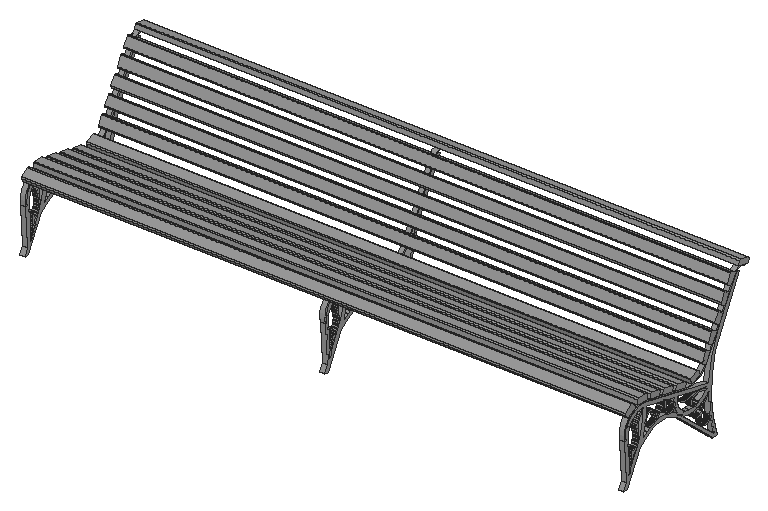
Revit family "Скамейка стальная «Ривьера» Арт 7080", category Антураж, Revit 2018
Family settings
  На основе рабочей плоскости = Нет
  Всегда вертикально = Да
  При загрузке вырезать с полостями = Нет
  Источник визуального образа = Геометрия семейства
  Общий = Нет
  Точка расчета площади = Нет
Parameters (values of type "Версия 3,0 м (3 опоры)")
  Ширина = 740 mm  # constant formula
  Цвет опоры = Сталь
  Цвет лавки = Дерево
  Средняя опора = or([Версия 2,0 м (3 опоры)], [Версия 3,0 м (3 опоры)])  # yes
  Описание = if([Версия 0,6 (кресло)], "Скамейка стальная «Ривьера». Версия 0,6 м (кресло)", if([Версия 1,2 м], "Скамейка стальная «Ривьера». Версия 1,2 м", if([Версия 1,5 м], "Скамейка стальная «Ривьера». Версия 1,5 м", if([Версия 1,8 м], "Скамейка стальная «Ривьера». Версия 1,8 м", if([Версия 2,0 м (2 опоры)], "Скамейка стальная «Ривьера». Версия 2,0 м (2 опоры)", if([Версия 2,0 м (3 опоры)], "Скамейка стальная «Ривьера». Версия 2,0 м (3 опоры)", "Скамейка стальная «Ривьера». Версия 3,0 м (3 опоры)"))))))  # "Скамейка стальная «Ривьера». Версия 3,0 м (3 опоры)"
  Материал изделия = "Сталь, дерево"  # constant formula
  Изображение типоразмера = Скамейка стальная «Ривьера» Арт 7080.jpg
  Изготовитель = "ООО «Хоббика»"  # constant formula
  Длина = if([Версия 0,6 (кресло)], 600 mm, if([Версия 1,2 м], 1200 mm, if([Версия 1,5 м], 1500 mm, if([Версия 1,8 м], 1800 mm, if(or([Версия 2,0 м (2 опоры)], [Версия 2,0 м (3 опоры)]), 2000 mm, 3000 mm)))))  # 3000 mm
  Группа модели = "Садовые скамейки"  # constant formula
  Высота = 720 mm  # constant formula
  Версия 3,0 м (3 опоры) = not(or([Версия 0,6 (кресло)], [Версия 1,2 м], [Версия 1,5 м], [Версия 1,8 м], [Версия 2,0 м (2 опоры)], [Версия 2,0 м (3 опоры)]))  # yes
  Версия 2,0 м (3 опоры) = no
  Версия 2,0 м (2 опоры) = no
  Версия 1,8 м = no
  Версия 1,5 м = no
  Версия 1,2 м = no
  Версия 0,6 (кресло) = no
  Артикул товара = "Арт 7080"  # constant formula
  URL = "https://hobbyka.ru/product/skameika_parkovaia_rivera/"
Types (8, lengths in mm): name | Средняя опора | Описание | Длина | Версия 3,0 м (3 опоры) | Версия 2,0 м (3 опоры) | Версия 2,0 м (2 опоры) | Версия 1,8 м | Версия 1,5 м | Версия 1,2 м | Версия 0,6 (кресло)
  (no name) | yes | "Скамейка стальная «Ривьера». Версия 3,0 м (3 опоры)" | 3000 | yes | no | no | no | no | no | no
  Версия 0,6 м (кресло) | no | "Скамейка стальная «Ривьера». Версия 0,6 м (кресло)" | 600 | no | no | no | no | no | no | yes
  Версия 1,2 м | no | "Скамейка стальная «Ривьера». Версия 1,2 м" | 1200 | no | no | no | no | no | yes | no
  Версия 1,5 м | no | "Скамейка стальная «Ривьера». Версия 1,5 м" | 1500 | no | no | no | no | yes | no | no
  Версия 1,8 м | no | "Скамейка стальная «Ривьера». Версия 1,8 м" | 1800 | no | no | no | yes | no | no | no
  Версия 2,0 (2 опоры) | no | "Скамейка стальная «Ривьера». Версия 2,0 м (2 опоры)" | 2000 | no | no | yes | no | no | no | no
  Версия 2,0 (3 опоры) | yes | "Скамейка стальная «Ривьера». Версия 2,0 м (3 опоры)" | 2000 | no | yes | no | no | no | no | no
  Версия 3,0 м (3 опоры) | yes | "Скамейка стальная «Ривьера». Версия 3,0 м (3 опоры)" | 3000 | yes | no | no | no | no | no | no
Reference planes
  plane 1 "По центру (Вперед/Назад)": y = 0
  plane 2: z = 0
  plane 3 "По центру (Влево/Вправо)": x = 0
  plane 4: x = 3000
  plane 5: y = 740
  plane 6: z = 720
Forms (mm)
  Extrusion 1, solid, material "Дерево" <- "Цвет лавки"
    sketch origin (0, 0, 0) x (0, 1, 0) y (0, 0, 1)
      loop
        line (710.703, 694.5) -> (764.101, 684.087) -> (768.44, 706.336) -> (764.858, 711.653) -> (720.359, 720.331) -> (715.042, 716.749) -> (710.703, 694.5)
      loop
        line (662.259, 630.426) -> (688.689, 677.978) -> (668.875, 688.99) -> (662.71, 687.23) -> (640.685, 647.603) -> (642.445, 641.438) -> (662.259, 630.426)
      loop
        line (622.934, 559.673) -> (649.364, 607.226) -> (629.55, 618.238) -> (623.385, 616.478) -> (601.36, 576.851) -> (603.12, 570.686) -> (622.934, 559.673)
      loop
        line (583.62, 488.941) -> (610.05, 536.494) -> (590.237, 547.506) -> (584.072, 545.746) -> (562.047, 506.119) -> (563.807, 499.954) -> (583.62, 488.941)
      loop
        line (544.307, 418.209) -> (570.737, 465.762) -> (550.923, 476.774) -> (544.758, 475.014) -> (522.733, 435.387) -> (524.493, 429.222) -> (544.307, 418.209)
      loop
        line (504.993, 347.477) -> (531.423, 395.03) -> (511.61, 406.042) -> (505.445, 404.282) -> (483.42, 364.655) -> (485.18, 358.49) -> (504.993, 347.477)
      loop
        line (319.957, 309.968) -> (373.163, 298.615) -> (377.893, 320.784) -> (374.406, 326.164) -> (330.067, 335.625) -> (324.687, 332.137) -> (319.957, 309.968)
      loop
        line (240.612, 326.898) -> (293.818, 315.545) -> (298.549, 337.715) -> (295.061, 343.095) -> (250.722, 352.555) -> (245.342, 349.068) -> (240.612, 326.898)
      loop
        line (161.229, 343.837) -> (214.435, 332.484) -> (219.165, 354.653) -> (215.677, 360.033) -> (171.339, 369.494) -> (165.959, 366.006) -> (161.229, 343.837)
      loop
        line (80.89, 353.667) -> (135.294, 353.568) -> (135.335, 376.236) -> (130.81, 380.778) -> (85.473, 380.86) -> (80.931, 376.335) -> (80.89, 353.667)
      loop
        line (23.166, 318.896) -> (66.954, 351.181) -> (53.502, 369.426) -> (47.163, 370.385) -> (10.672, 343.48) -> (9.714, 337.141) -> (23.166, 318.896)
      loop
        line (418.781, 296.112) -> (469.766, 315.095) -> (461.856, 336.338) -> (456.026, 339.005) -> (413.539, 323.186) -> (410.872, 317.355) -> (418.781, 296.112)
    from 0 to 3000
Dimensions and locks
  equal spacing: plane 3 "По центру (Влево/Вправо)", nested 2, plane 4
  "Длина": plane 3 "По центру (Влево/Вправо)" to plane 4
  "Ширина": plane 5 to plane 1 "По центру (Вперед/Назад)"
  "Высота": plane 6 to level
  aligned and locked: level to plane 2
  aligned and locked: plane 3 "По центру (Влево/Вправо)" to nested 1
  aligned and locked: plane 4 to nested 3
  aligned and locked: Extrusion 1 to plane 3 "По центру (Влево/Вправо)"
  aligned and locked: plane 4 to Extrusion 1
Automatic sketch dimensions
  Extrusion 1 sketch curve to plane 1 "По центру (Вперед/Назад)" = 9.714 mm
  Extrusion 1 sketch curve to Extrusion 1 sketch curve = 0.959 mm  (x2)
  Extrusion 1 sketch curve to Extrusion 1 sketch curve = 13.452 mm  (x2)
  Extrusion 1 sketch curve to Extrusion 1 sketch curve = 36.49 mm
  Extrusion 1 sketch curve to Extrusion 1 sketch curve = 6.339 mm  (x2)
  Extrusion 1 sketch curve to Extrusion 1 sketch curve = 13.936 mm
  Extrusion 1 sketch curve to Extrusion 1 sketch curve = 0.041 mm
  Extrusion 1 sketch curve to Extrusion 1 sketch curve = 4.542 mm  (x2)
  Extrusion 1 sketch curve to Extrusion 1 sketch curve = 45.336 mm
  Extrusion 1 sketch curve to Extrusion 1 sketch curve = 4.484 mm
  Extrusion 1 sketch curve to Extrusion 1 sketch curve = 4.525 mm  (x2)
  Extrusion 1 sketch curve to Extrusion 1 sketch curve = 25.935 mm
  Extrusion 1 sketch curve to Extrusion 1 sketch curve = 4.73 mm  (x3)
  Extrusion 1 sketch curve to Extrusion 1 sketch curve = 5.38 mm  (x6)
  Extrusion 1 sketch curve to Extrusion 1 sketch curve = 53.206 mm  (x3)
  Extrusion 1 sketch curve to Extrusion 1 sketch curve = 1.243 mm  (x3)
  Extrusion 1 sketch curve to Extrusion 1 sketch curve = 3.488 mm  (x6)
  Extrusion 1 sketch curve to Extrusion 1 sketch curve = 26.177 mm
  Extrusion 1 sketch curve to Extrusion 1 sketch curve = 26.139 mm
  level to Extrusion 1 sketch curve = 320.784 mm
  Extrusion 1 sketch curve to Extrusion 1 sketch curve = 32.978 mm
  Extrusion 1 sketch curve to Extrusion 1 sketch curve = 2.667 mm  (x2)
  Extrusion 1 sketch curve to Extrusion 1 sketch curve = 7.909 mm  (x2)
  Extrusion 1 sketch curve to Extrusion 1 sketch curve = 42.487 mm
  Extrusion 1 sketch curve to Extrusion 1 sketch curve = 5.831 mm  (x2)
  Extrusion 1 sketch curve to Extrusion 1 sketch curve = 21.563 mm
  Extrusion 1 sketch curve to Extrusion 1 sketch curve = 1.76 mm  (x9)
  Extrusion 1 sketch curve to Extrusion 1 sketch curve = 19.813 mm  (x10)
  Extrusion 1 sketch curve to Extrusion 1 sketch curve = 22.025 mm  (x5)
  Extrusion 1 sketch curve to Extrusion 1 sketch curve = 6.165 mm  (x10)
  Extrusion 1 sketch curve to Extrusion 1 sketch curve = 11.123 mm  (x3)
  Extrusion 1 sketch curve to Extrusion 1 sketch curve = 11.135 mm
  Extrusion 1 sketch curve to plane 6 = 32.77 mm
  Extrusion 1 sketch curve to plane 6 = 31.01 mm
  Extrusion 1 sketch curve to plane 6 = 42.022 mm
  Extrusion 1 sketch curve to Extrusion 1 sketch curve = 22.014 mm
  Extrusion 1 sketch curve to plane 6 = 3.251 mm
  Extrusion 1 sketch curve to Extrusion 1 sketch curve = 4.339 mm
  plane 6 to Extrusion 1 sketch curve = 0.331 mm
  Extrusion 1 sketch curve to Extrusion 1 sketch curve = 5.318 mm
  plane 5 to Extrusion 1 sketch curve = 24.101 mm
  Extrusion 1 sketch curve to plane 6 = 8.347 mm
  plane 5 to Extrusion 1 sketch curve = 24.858 mm
  Extrusion 1 sketch curve to plane 6 = 13.664 mm
  Extrusion 1 sketch curve to Extrusion 1 sketch curve = 3.582 mm
  level to Extrusion 1 sketch curve = 318.896 mm
  Extrusion 1 sketch curve to Extrusion 1 sketch curve = 3.429 mm
  Extrusion 1 sketch curve to Extrusion 1 sketch curve = 5.239 mm
  Extrusion 1 sketch curve to Extrusion 1 sketch curve = 2.261 mm
  Extrusion 1 sketch curve to Extrusion 1 sketch curve = 5.577 mm
  Extrusion 1 sketch curve to Extrusion 1 sketch curve = 11.353 mm  (x2)
  Extrusion 1 sketch curve to Extrusion 1 sketch curve = 5.586 mm
  Extrusion 1 sketch curve to Extrusion 1 sketch curve = 18.245 mm
  Extrusion 1 sketch curve to Extrusion 1 sketch curve = 11.139 mm
  Extrusion 1 sketch curve to Extrusion 1 sketch curve = 9.731 mm
  Extrusion 1 sketch curve to Extrusion 1 sketch curve = 2.486 mm
  Extrusion 1 sketch curve to Extrusion 1 sketch curve = 11.013 mm  (x4)
  Extrusion 1 sketch curve to Extrusion 1 sketch curve = 23.18 mm  (x3)
Nested families
  nested 1: "Скамейка стальная «Ривьера» Арт 7080 опора" at (0, 0, 0), type "Крайняя"
  nested 2: "Скамейка стальная «Ривьера» Арт 7080 опора" at (1500, 0, 0), visible <- "Средняя опора", type "Средняя"
  nested 3: "Скамейка стальная «Ривьера» Арт 7080 опора" at (3000, 0, 0) x (-1, 0, 0) z (0, 0, 1), type "Крайняя"
Definition of nested family "Скамейка стальная «Ривьера» Арт 7080 опора"
  Parameters (values of type "Средняя")
    Цвет опоры = none
    Средняя = yes
    Крайняя = no
    Height = 0 mm
  Types (3, lengths in mm): name | Средняя | Крайняя
    (no name) | yes | no
    Крайняя | no | yes
    Средняя | yes | no
  Reference planes
    plane 1 "По центру (Вперед/Назад)": y = 0
    plane 2: z = 0
    plane 3 "По центру (Влево/Вправо)": x = 0
  Forms (mm)
    Extrusion 1, solid, material <- "Цвет опоры", visible <- "Крайняя"
      sketch origin (0, 0, 0) x (0, 1, 0) y (0, 0, 1)
        loop
          line (709.771, 675.02) -> (696.806, 681.856) -> (578.564, 457.59)
          arc (578.564, 457.59) -> (541.819, 360.204) -> (523.105, 257.812) r 578.985
          line (523.105, 257.812) -> (135.877, 340.27)
          arc (135.877, 340.27) -> (40.273, 315.358) -> (2.551, 224.046) r 110.809
          line (2.551, 224.046) -> (15.534, 35.959) -> (-1.658, 2.925) -> (15.928, 2.925) -> (96.056, 156.891) -> (153.03, 194.464)
          arc (153.03, 194.464) -> (242.346, 218.542) -> (328.655, 185.26) r 148.976
          arc (328.655, 185.26) -> (442.149, 99.669) -> (546.298, 2.925) r 1388.768
          line (546.298, 2.925) -> (573.294, 2.925)
          arc (573.294, 2.925) -> (536.705, 238.624) -> (600.816, 468.368) r 563.985
          line (600.816, 468.368) -> (709.771, 675.02)
        loop
          arc (114.964, 327.621) -> (47.504, 301.675) -> (17.367, 235.98) r 95.809
          line (17.367, 235.98) -> (29.298, 62.406) -> (82.132, 163.927)
          arc (82.132, 163.927) -> (110.162, 243.444) -> (114.964, 327.621) r 300.07
        loop
          arc (130.188, 325.532) -> (127.369, 252.816) -> (107.93, 182.69) r 314.823
          line (107.93, 182.69) -> (144.797, 207.002)
          arc (144.797, 207.002) -> (242.776, 233.54) -> (337.602, 197.317) r 163.976
          arc (337.602, 197.317) -> (448.984, 113.505) -> (551.504, 19.059) r 1403.768
          arc (551.504, 19.059) -> (526.925, 120.807) -> (521.067, 225.318) r 578.985
          arc (521.067, 225.318) -> (470.057, 185.105) -> (406.384, 172.271) r 139.859
          arc (406.384, 172.271) -> (331.609, 207.344) -> (310.38, 287.161) r 97.756
          line (310.38, 287.161) -> (130.188, 325.532)
        loop
          arc (406.684, 188.271) -> (467.899, 201.85) -> (514.62, 243.67) r 123.859
          line (514.62, 243.67) -> (326.04, 283.827)
          arc (326.04, 283.827) -> (344.143, 217.298) -> (406.684, 188.271) r 81.756
      from 0 to 25
    Extrusion 2, solid, material <- "Цвет опоры", visible <- "Крайняя"
      sketch origin (0, 0, 0) x (0, 1, 0) y (0, 0, 1)
        loop
          line (746.083, 684.556) -> (746.597, 687.512) -> (724.179, 691.405)
          arc (724.179, 691.405) -> (703.229, 688.875) -> (687.149, 675.208) r 36.636
          line (687.149, 675.208) -> (510.978, 358.245)
          arc (510.978, 358.245) -> (454.556, 306.087) -> (378.196, 297.541) r 123.115
          line (378.196, 297.541) -> (127.902, 350.948)
          arc (127.902, 350.948) -> (30.565, 321.911) -> (2.435, 224.308) r 105.908
          line (2.435, 224.308) -> (5.363, 224.961)
          arc (5.363, 224.961) -> (32.696, 319.799) -> (127.276, 348.014) r 102.908
          line (127.276, 348.014) -> (377.576, 294.606)
          arc (377.576, 294.606) -> (455.801, 303.357) -> (513.6, 356.787) r 126.115
          line (513.6, 356.787) -> (689.722, 673.661)
          arc (689.722, 673.661) -> (704.476, 686.146) -> (723.666, 688.449) r 33.636
          line (723.666, 688.449) -> (746.083, 684.556)
      from 0 to 25
    Extrusion 3, solid, material <- "Цвет опоры", visible <- "Крайняя"
      sketch origin (0, 0, 0) x (0, 1, 0) y (0, 0, 1)
        loop
          line (476.525, 143.5) -> (474.834, 138.244) -> (473.28, 132.945) -> (472.625, 130.31) -> (472.12, 127.642) -> (471.766, 124.95) -> (471.565, 122.242) -> (471.517, 119.527) -> (471.622, 116.814) -> (471.881, 114.112) -> (472.292, 111.428) -> (472.854, 108.771) -> (473.564, 106.151) -> (474.422, 103.575) -> (475.424, 101.051) -> (476.567, 98.588) -> (477.847, 96.194) -> (479.26, 93.875) -> (480.802, 91.641) -> (482.468, 89.497) -> (484.252, 87.45) -> (487.263, 84.696) -> (490.694, 82.488) -> (494.448, 80.89) -> (498.417, 79.947) -> (502.489, 79.685) -> (506.546, 80.113) -> (510.474, 81.219) -> (514.159, 82.969) -> (517.497, 85.316) -> (520.392, 88.191) -> (522.762, 91.512) -> (524.538, 95.185) -> (525.671, 99.105) -> (526.127, 103.159) -> (525.894, 107.233) -> (524.978, 111.209) -> (523.406, 114.973) -> (521.222, 118.42) -> (516.064, 122.889) -> (514.616, 121.218) -> (519.529, 116.962) -> (521.438, 113.949) -> (522.866, 110.53) -> (523.697, 106.919) -> (523.909, 103.22) -> (523.495, 99.538) -> (522.466, 95.979) -> (520.853, 92.643) -> (518.701, 89.627) -> (516.072, 87.017) -> (513.041, 84.886) -> (509.695, 83.296) -> (506.128, 82.292) -> (502.443, 81.904) -> (498.746, 82.141) -> (495.141, 82.998) -> (491.732, 84.449) -> (488.617, 86.454) -> (485.837, 88.997) -> (484.176, 90.902) -> (482.586, 92.948) -> (481.115, 95.08) -> (479.767, 97.291) -> (478.546, 99.575) -> (477.456, 101.925) -> (476.5, 104.332) -> (475.682, 106.79) -> (475.004, 109.29) -> (474.468, 111.824) -> (474.076, 114.384) -> (473.829, 116.963) -> (473.729, 119.551) -> (473.774, 122.141) -> (473.966, 124.724) -> (474.304, 127.292) -> (474.786, 129.837) -> (475.415, 132.367) -> (476.947, 137.594) -> (478.621, 142.795) -> (480.431, 147.95) -> (482.376, 153.056) -> (484.454, 158.109) -> (486.665, 163.106) -> (489.006, 168.043) -> (491.476, 172.916) -> (494.073, 177.723) -> (496.795, 182.461) -> (499.641, 187.124) -> (502.609, 191.712) -> (505.696, 196.22) -> (508.901, 200.645) -> (512.221, 204.985) -> (515.653, 209.236) -> (519.196, 213.395) -> (521.203, 215.548) -> (521.222, 218.959) -> (517.532, 214.851) -> (513.951, 210.648) -> (510.482, 206.351) -> (507.127, 201.966) -> (503.889, 197.493) -> (500.769, 192.937) -> (497.769, 188.301) -> (494.893, 183.587) -> (492.142, 178.8) -> (489.517, 173.942) -> (487.021, 169.016) -> (484.655, 164.027) -> (482.421, 158.977) -> (480.32, 153.87) -> (479.507, 151.736) -> (472.257, 142.913) -> (470.089, 140.875) -> (467.678, 139.133) -> (465.063, 137.713) -> (462.288, 136.641) -> (459.399, 135.933) -> (456.442, 135.602) -> (453.467, 135.653) -> (450.524, 136.084) -> (447.66, 136.889) -> (444.923, 138.055) -> (442.357, 139.562) -> (440.007, 141.386) -> (437.909, 143.496) -> (436.1, 145.857) -> (434.608, 148.431) -> (433.458, 151.175) -> (432.671, 154.038) -> (432.38, 156.159) -> (432.38, 158.295) -> (432.668, 160.41) -> (433.239, 162.468) -> (434.084, 164.429) -> (435.187, 166.258) -> (436.526, 167.92) -> (438.078, 169.387) -> (439.815, 170.629) -> (441.703, 171.626) -> (443.709, 172.358) -> (445.796, 172.811) -> (447.925, 172.978) -> (450.057, 172.856) -> (452.152, 172.446) -> (454.173, 171.757) -> (456.082, 170.8) -> (458.008, 169.482) -> (459.66, 171.896) -> (457.57, 173.327) -> (455.306, 174.461) -> (452.908, 175.279) -> (450.423, 175.765) -> (447.894, 175.91) -> (445.369, 175.712) -> (442.894, 175.174) -> (440.514, 174.306) -> (438.274, 173.124) -> (436.214, 171.649) -> (434.373, 169.91) -> (432.784, 167.938) -> (431.477, 165.769) -> (430.474, 163.442) -> (429.796, 161.002) -> (429.455, 158.492) -> (429.455, 155.959) -> (429.799, 153.45) -> (430.687, 150.218) -> (431.983, 147.127) -> (433.663, 144.227) -> (435.702, 141.567) -> (438.065, 139.19) -> (440.713, 137.136) -> (443.603, 135.438) -> (446.687, 134.125) -> (449.913, 133.217) -> (453.229, 132.731) -> (456.581, 132.674) -> (459.911, 133.048) -> (463.167, 133.845) -> (466.293, 135.053) -> (469.239, 136.652) -> (471.955, 138.615) -> (474.398, 140.91) -> (476.525, 143.5)
        loop
          line (444.129, 192.481) -> (449.886, 195.118) -> (455.094, 198.751) -> (459.57, 203.256) -> (457.495, 205.318) -> (453.204, 201) -> (448.428, 197.668) -> (443.126, 195.238) -> (439.686, 194.338) -> (436.136, 194.025) -> (432.583, 194.311) -> (429.128, 195.186) -> (425.868, 196.627) -> (422.895, 198.593) -> (420.293, 201.028) -> (418.135, 203.864) -> (416.481, 207.021) -> (415.378, 210.411) -> (414.858, 213.937) -> (414.935, 217.5) -> (415.607, 221) -> (416.855, 224.339) -> (418.644, 227.422) -> (420.922, 230.162) -> (423.628, 232.483) -> (426.757, 234.362) -> (430.925, 236.282) -> (435.266, 238.02) -> (439.689, 239.535) -> (444.183, 240.824) -> (448.737, 241.883) -> (453.338, 242.71) -> (457.976, 243.302) -> (462.638, 243.657) -> (467.312, 243.776) -> (471.985, 243.657) -> (476.647, 243.302) -> (481.285, 242.71) -> (485.887, 241.883) -> (490.44, 240.824) -> (494.935, 239.535) -> (499.358, 238.02) -> (503.698, 236.282) -> (507.363, 234.622) -> (509.233, 236.953) -> (504.854, 238.97) -> (500.376, 240.763) -> (495.812, 242.326) -> (491.175, 243.656) -> (486.477, 244.749) -> (481.729, 245.602) -> (476.944, 246.212) -> (472.134, 246.579) -> (467.312, 246.702) -> (462.489, 246.579) -> (457.679, 246.212) -> (452.894, 245.602) -> (448.146, 244.749) -> (443.448, 243.656) -> (438.811, 242.326) -> (434.247, 240.763) -> (429.769, 238.97) -> (425.388, 236.952) -> (421.91, 234.863) -> (418.831, 232.222) -> (416.237, 229.102) -> (414.201, 225.593) -> (412.781, 221.793) -> (412.017, 217.809) -> (411.929, 213.754) -> (412.521, 209.74) -> (413.776, 205.883) -> (415.658, 202.289) -> (418.114, 199.061) -> (421.077, 196.289) -> (424.46, 194.051) -> (428.171, 192.411) -> (432.103, 191.415) -> (436.147, 191.09) -> (440.436, 191.468) -> (444.129, 192.481)
        loop
          line (256.008, 298.815) -> (253.132, 299.352) -> (252.505, 295.994) -> (251.998, 292.616) -> (251.611, 289.222) -> (251.345, 285.816) -> (251.2, 282.403) -> (251.176, 278.987) -> (251.274, 275.572) -> (251.493, 272.163) -> (251.833, 268.764) -> (252.294, 265.38) -> (252.874, 262.013) -> (253.574, 258.67) -> (254.392, 255.353) -> (255.327, 252.068) -> (256.379, 248.817) -> (257.63, 245.522) -> (259.219, 242.399) -> (261.125, 239.488) -> (263.324, 236.826) -> (265.788, 234.447) -> (268.486, 232.381) -> (271.384, 230.654) -> (274.537, 229.248) -> (277.775, 228.277) -> (280.896, 227.709) -> (284.204, 227.513) -> (287.512, 227.718) -> (290.778, 228.323) -> (293.96, 229.318) -> (297.016, 230.692) -> (299.91, 232.427) -> (302.602, 234.501) -> (305.061, 236.888) -> (307.197, 239.633) -> (308.88, 242.721) -> (310.063, 246.066) -> (310.713, 249.575) -> (310.812, 253.019) -> (310.358, 256.696) -> (309.362, 260.111) -> (307.854, 263.301) -> (305.873, 266.178) -> (303.476, 268.663) -> (300.729, 270.687) -> (297.707, 272.193) -> (294.494, 273.141) -> (291.179, 273.503) -> (287.854, 273.27) -> (284.612, 272.448) -> (281.541, 271.06) -> (278.727, 269.145) -> (280.372, 266.727) -> (282.977, 268.5) -> (285.581, 269.676) -> (288.32, 270.371) -> (291.122, 270.567) -> (293.917, 270.262) -> (296.632, 269.461) -> (299.198, 268.182) -> (301.543, 266.455) -> (303.601, 264.321) -> (305.311, 261.837) -> (306.619, 259.07) -> (307.486, 256.098) -> (307.882, 253.006) -> (307.795, 249.884) -> (307.229, 246.825) -> (306.2, 243.916) -> (304.743, 241.242) -> (302.877, 238.845) -> (300.685, 236.717) -> (298.26, 234.848) -> (295.66, 233.29) -> (292.92, 232.058) -> (290.073, 231.167) -> (287.154, 230.627) -> (284.2, 230.443) -> (281.245, 230.618) -> (278.326, 231.15) -> (275.476, 232.032) -> (272.733, 233.256) -> (270.13, 234.807) -> (267.699, 236.667) -> (265.474, 238.816) -> (263.483, 241.226) -> (261.753, 243.868) -> (260.309, 246.708) -> (259.139, 249.787) -> (258.126, 252.918) -> (257.219, 256.104) -> (256.426, 259.32) -> (255.748, 262.561) -> (255.185, 265.825) -> (254.738, 269.107) -> (254.409, 272.403) -> (254.196, 275.708) -> (254.102, 279.019) -> (254.125, 282.331) -> (254.265, 285.64) -> (254.523, 288.942) -> (254.898, 292.233) -> (255.39, 295.508) -> (256.008, 298.815)
        loop
          line (209.319, 251.679) -> (205.589, 248.092) -> (201.764, 244.608) -> (197.845, 241.229) -> (193.836, 237.958) -> (189.739, 234.797) -> (185.574, 231.76) -> (181.818, 229.251) -> (177.885, 227.31) -> (173.732, 225.9) -> (169.432, 225.042) -> (165.056, 224.753) -> (160.679, 225.037) -> (156.377, 225.889) -> (152.223, 227.294) -> (148.288, 229.23) -> (144.638, 231.662) -> (141.337, 234.549) -> (138.44, 237.842) -> (135.998, 241.484) -> (134.051, 245.414) -> (132.633, 249.564) -> (131.769, 253.864) -> (131.472, 258.239) -> (131.745, 262.55) -> (133.063, 267.966) -> (135.286, 273.084) -> (138.348, 277.75) -> (142.159, 281.826) -> (146.608, 285.194) -> (151.566, 287.756) -> (156.887, 289.437) -> (162.417, 290.187) -> (167.994, 289.986) -> (173.455, 288.838) -> (178.641, 286.777) -> (183.401, 283.864) -> (187.595, 280.184) -> (191.102, 275.843) -> (193.819, 270.968) -> (195.667, 265.703) -> (196.591, 260.199) -> (196.565, 254.368) -> (199.489, 254.355) -> (199.517, 260.437) -> (198.51, 266.435) -> (196.496, 272.173) -> (193.535, 277.486) -> (189.713, 282.217) -> (185.141, 286.228) -> (179.954, 289.403) -> (174.302, 291.649) -> (168.35, 292.899) -> (162.272, 293.119) -> (156.245, 292.301) -> (150.446, 290.47) -> (145.043, 287.678) -> (140.194, 284.007) -> (136.04, 279.564) -> (132.703, 274.479) -> (130.28, 268.901) -> (128.842, 262.992) -> (128.541, 258.233) -> (128.864, 253.475) -> (129.804, 248.8) -> (131.345, 244.287) -> (133.462, 240.014) -> (136.118, 236.054) -> (139.267, 232.473) -> (142.857, 229.334) -> (146.825, 226.69) -> (151.104, 224.585) -> (155.621, 223.057) -> (160.299, 222.13) -> (165.057, 221.822) -> (169.816, 222.136) -> (174.492, 223.069) -> (175.75, 223.496) -> (179.878, 225.032) -> (183.284, 226.712) -> (187.249, 229.362) -> (191.494, 232.457) -> (195.654, 235.666) -> (199.725, 238.988) -> (203.704, 242.419) -> (207.588, 245.956) -> (211.375, 249.599) -> (215.061, 253.342) -> (218.644, 257.185) -> (222.121, 261.124) -> (225.49, 265.155) -> (228.748, 269.277) -> (231.893, 273.486) -> (234.922, 277.779) -> (237.833, 282.153) -> (240.625, 286.604) -> (243.294, 291.129) -> (245.839, 295.726) -> (248.258, 300.39) -> (245.318, 301.016) -> (243.261, 297.108) -> (240.754, 292.581) -> (238.125, 288.124) -> (235.376, 283.74) -> (232.509, 279.433) -> (229.526, 275.205) -> (226.429, 271.06) -> (223.22, 267) -> (219.902, 263.03) -> (216.478, 259.151) -> (212.949, 255.366) -> (209.319, 251.679)
      from 0 to 25
    Extrusion 4, solid, material <- "Цвет опоры", visible <- "Крайняя"
      sketch origin (0, 0, 0) x (0, 1, 0) y (0, 0, 1)
        loop
          line (505.975, 245.51) -> (476.806, 251.722) -> (470.775, 251.991) -> (464.448, 252.119) -> (458.123, 252.095) -> (451.802, 251.918) -> (445.487, 251.588) -> (439.18, 251.104) -> (432.884, 250.469) -> (426.601, 249.68) -> (420.334, 248.74) -> (414.085, 247.648) -> (407.856, 246.404) -> (401.649, 245.01) -> (395.546, 243.485) -> (391.455, 242.592) -> (387.402, 242.063) -> (383.327, 241.88) -> (379.245, 242.046) -> (375.173, 242.559) -> (371.127, 243.419) -> (367.125, 244.622) -> (363.183, 246.165) -> (359.319, 248.042) -> (355.55, 250.247) -> (351.894, 252.771) -> (348.367, 255.604) -> (344.987, 258.734) -> (341.77, 262.149) -> (338.731, 265.833) -> (335.887, 269.77) -> (333.25, 273.942) -> (330.463, 279.002)
          arc (330.463, 279.002) -> (330.116, 280.982) -> (331.053, 282.759) r 3.105
          line (331.053, 282.759) -> (327.835, 283.444)
          arc (327.835, 283.444) -> (327.078, 280.5) -> (327.835, 277.556) r 6.105
          line (327.835, 277.556) -> (330.665, 272.416) -> (333.4, 268.088) -> (336.356, 263.998) -> (339.519, 260.164) -> (342.874, 256.603) -> (346.406, 253.331) -> (350.1, 250.364) -> (353.939, 247.714) -> (357.904, 245.394) -> (361.979, 243.414) -> (366.145, 241.784) -> (370.383, 240.51) -> (374.673, 239.599) -> (378.996, 239.054) -> (383.333, 238.878) -> (387.664, 239.071) -> (391.969, 239.634) -> (396.23, 240.563) -> (402.342, 242.091) -> (408.478, 243.469) -> (414.637, 244.699) -> (420.815, 245.779) -> (427.011, 246.708) -> (433.222, 247.488) -> (439.445, 248.116) -> (445.68, 248.594) -> (451.922, 248.92) -> (458.171, 249.095) -> (464.424, 249.119) -> (470.678, 248.992) -> (476.931, 248.713) -> (483.181, 248.283) -> (489.426, 247.703) -> (495.663, 246.971) -> (505.975, 245.51)
        loop
          line (85.568, 279.781) -> (88.92, 287.786) -> (93.05, 295.419) -> (97.918, 302.603) -> (103.476, 309.269) -> (109.668, 315.349) -> (114.963, 319.602) -> (114.716, 323.156) -> (107.723, 317.538) -> (101.323, 311.254) -> (95.579, 304.364) -> (90.547, 296.939) -> (86.278, 289.05) -> (82.814, 280.776) -> (80.189, 272.199) -> (78.429, 263.404) -> (77.551, 254.477) -> (77.564, 245.508) -> (75.761, 249.639) -> (72.491, 255.954) -> (68.799, 262.033) -> (64.702, 267.847) -> (60.22, 273.369) -> (55.372, 278.573) -> (50.183, 283.436) -> (44.675, 287.935) -> (39.151, 291.841) -> (37.263, 289.607) -> (42.901, 285.607) -> (48.255, 281.234) -> (53.3, 276.507) -> (58.011, 271.448) -> (62.368, 266.081) -> (66.35, 260.43) -> (69.939, 254.521) -> (73.119, 248.382) -> (75.873, 242.042) -> (78.191, 235.528) -> (79.97, 229.193) -> (81.473, 222.106) -> (82.242, 216.34) -> (82.557, 210.532) -> (82.417, 204.716) -> (81.821, 198.93) -> (80.774, 193.208) -> (79.282, 187.586) -> (77.354, 182.098) -> (75.002, 176.778) -> (72.241, 171.658) -> (69.087, 166.77) -> (65.56, 162.144) -> (60.016, 155.033) -> (54.887, 147.617) -> (50.187, 139.921) -> (49.371, 138.394) -> (49.9, 141.559) -> (50.356, 148.094) -> (50.183, 154.643) -> (49.382, 161.145) -> (47.963, 167.541) -> (45.936, 173.771) -> (43.322, 179.777) -> (40.144, 185.506) -> (36.431, 190.903) -> (32.223, 195.914) -> (31.388, 196.742) -> (30.493, 197.49) -> (29.537, 198.16) -> (28.527, 198.747) -> (27.472, 199.245) -> (26.377, 199.651) -> (25.252, 199.963) -> (24.105, 200.179) -> (22.944, 200.296) -> (21.776, 200.313) -> (20.612, 200.231) -> (19.833, 200.098) -> (20.034, 197.18) -> (20.941, 197.322) -> (21.857, 197.387) -> (22.775, 197.373) -> (23.688, 197.281) -> (24.591, 197.112) -> (25.475, 196.866) -> (26.336, 196.546) -> (27.166, 196.155) -> (27.96, 195.694) -> (28.712, 195.167) -> (29.416, 194.578) -> (30.068, 193.931) -> (34.101, 189.13) -> (37.654, 183.964) -> (40.696, 178.481) -> (43.198, 172.732) -> (45.138, 166.77) -> (46.497, 160.649) -> (47.262, 154.426) -> (47.428, 148.158) -> (46.992, 141.903) -> (45.958, 135.719) -> (44.336, 129.662) -> (42.141, 123.789) -> (38.819, 115.406) -> (35.981, 106.847) -> (33.635, 98.14) -> (31.788, 89.314) -> (30.447, 80.397) -> (29.616, 71.418) -> (29.298, 62.406) -> (32.438, 68.44) -> (32.536, 71.232) -> (33.352, 80.044) -> (34.668, 88.797) -> (36.481, 97.46) -> (38.784, 106.005) -> (41.569, 114.406) -> (44.829, 122.634) -> (48.553, 130.663) -> (52.727, 138.468) -> (57.339, 146.021) -> (62.374, 153.3) -> (67.877, 160.359) -> (71.483, 165.088) -> (74.761, 170.168) -> (77.631, 175.49) -> (80.075, 181.02) -> (82.079, 186.725) -> (83.63, 192.569) -> (84.719, 198.516) -> (85.338, 204.531) -> (85.484, 210.575) -> (85.157, 216.613) -> (84.358, 222.597) -> (81.363, 237.029) -> (80.489, 245.658) -> (80.476, 254.336) -> (81.325, 262.973) -> (83.028, 271.483) -> (85.568, 279.781)
      from 0 to 25
    Extrusion 5, solid, material <- "Цвет опоры", visible <- "Средняя"
      sketch origin (0, 0, 0) x (0, 1, 0) y (0, 0, 1)
        loop
          line (709.771, 675.02) -> (696.806, 681.856) -> (578.564, 457.59)
          arc (578.564, 457.59) -> (541.819, 360.204) -> (523.105, 257.812) r 578.985
          line (523.105, 257.812) -> (135.877, 340.27)
          arc (135.877, 340.27) -> (40.273, 315.358) -> (2.551, 224.046) r 110.809
          line (2.551, 224.046) -> (15.534, 35.959) -> (-1.658, 2.925) -> (15.928, 2.925) -> (96.056, 156.891) -> (153.03, 194.464)
          arc (153.03, 194.464) -> (242.346, 218.542) -> (328.655, 185.26) r 148.976
          arc (328.655, 185.26) -> (442.149, 99.669) -> (546.298, 2.925) r 1388.768
          line (546.298, 2.925) -> (573.294, 2.925)
          arc (573.294, 2.925) -> (536.705, 238.624) -> (600.816, 468.368) r 563.985
          line (600.816, 468.368) -> (709.771, 675.02)
        loop
          arc (114.964, 327.621) -> (47.504, 301.675) -> (17.367, 235.98) r 95.809
          line (17.367, 235.98) -> (29.298, 62.406) -> (82.132, 163.927)
          arc (82.132, 163.927) -> (110.162, 243.444) -> (114.964, 327.621) r 300.07
        loop
          arc (130.188, 325.532) -> (127.369, 252.816) -> (107.93, 182.69) r 314.823
          line (107.93, 182.69) -> (144.797, 207.002)
          arc (144.797, 207.002) -> (242.776, 233.54) -> (337.602, 197.317) r 163.976
          arc (337.602, 197.317) -> (448.984, 113.505) -> (551.504, 19.059) r 1403.768
          arc (551.504, 19.059) -> (526.925, 120.807) -> (521.067, 225.318) r 578.985
          arc (521.067, 225.318) -> (470.057, 185.105) -> (406.384, 172.271) r 139.859
          arc (406.384, 172.271) -> (331.609, 207.344) -> (310.38, 287.161) r 97.756
          line (310.38, 287.161) -> (130.188, 325.532)
        loop
          arc (406.684, 188.271) -> (467.899, 201.85) -> (514.62, 243.67) r 123.859
          line (514.62, 243.67) -> (326.04, 283.827)
          arc (326.04, 283.827) -> (344.143, 217.298) -> (406.684, 188.271) r 81.756
      from -12.5 to 12.5
    Extrusion 6, solid, material <- "Цвет опоры", visible <- "Средняя"
      sketch origin (0, 0, 0) x (0, 1, 0) y (0, 0, 1)
        loop
          line (746.083, 684.556) -> (746.597, 687.512) -> (724.179, 691.405)
          arc (724.179, 691.405) -> (703.229, 688.875) -> (687.149, 675.208) r 36.636
          line (687.149, 675.208) -> (510.978, 358.245)
          arc (510.978, 358.245) -> (454.556, 306.087) -> (378.196, 297.541) r 123.115
          line (378.196, 297.541) -> (127.902, 350.948)
          arc (127.902, 350.948) -> (30.565, 321.911) -> (2.435, 224.308) r 105.908
          line (2.435, 224.308) -> (5.363, 224.961)
          arc (5.363, 224.961) -> (32.696, 319.799) -> (127.276, 348.014) r 102.908
          line (127.276, 348.014) -> (377.576, 294.606)
          arc (377.576, 294.606) -> (455.801, 303.357) -> (513.6, 356.787) r 126.115
          line (513.6, 356.787) -> (689.722, 673.661)
          arc (689.722, 673.661) -> (704.476, 686.146) -> (723.666, 688.449) r 33.636
          line (723.666, 688.449) -> (746.083, 684.556)
      from -12.5 to 12.5
    Extrusion 7, solid, material <- "Цвет опоры", visible <- "Средняя"
      sketch origin (0, 0, 0) x (0, 1, 0) y (0, 0, 1)
        loop
          line (476.525, 143.5) -> (474.834, 138.244) -> (473.28, 132.945) -> (472.625, 130.31) -> (472.12, 127.642) -> (471.766, 124.95) -> (471.565, 122.242) -> (471.517, 119.527) -> (471.622, 116.814) -> (471.881, 114.112) -> (472.292, 111.428) -> (472.854, 108.771) -> (473.564, 106.151) -> (474.422, 103.575) -> (475.424, 101.051) -> (476.567, 98.588) -> (477.847, 96.194) -> (479.26, 93.875) -> (480.802, 91.641) -> (482.468, 89.497) -> (484.252, 87.45) -> (487.263, 84.696) -> (490.694, 82.488) -> (494.448, 80.89) -> (498.417, 79.947) -> (502.489, 79.685) -> (506.546, 80.113) -> (510.474, 81.219) -> (514.159, 82.969) -> (517.497, 85.316) -> (520.392, 88.191) -> (522.762, 91.512) -> (524.538, 95.185) -> (525.671, 99.105) -> (526.127, 103.159) -> (525.894, 107.233) -> (524.978, 111.209) -> (523.406, 114.973) -> (521.222, 118.42) -> (516.064, 122.889) -> (514.616, 121.218) -> (519.529, 116.962) -> (521.438, 113.949) -> (522.866, 110.53) -> (523.697, 106.919) -> (523.909, 103.22) -> (523.495, 99.538) -> (522.466, 95.979) -> (520.853, 92.643) -> (518.701, 89.627) -> (516.072, 87.017) -> (513.041, 84.886) -> (509.695, 83.296) -> (506.128, 82.292) -> (502.443, 81.904) -> (498.746, 82.141) -> (495.141, 82.998) -> (491.732, 84.449) -> (488.617, 86.454) -> (485.837, 88.997) -> (484.176, 90.902) -> (482.586, 92.948) -> (481.115, 95.08) -> (479.767, 97.291) -> (478.546, 99.575) -> (477.456, 101.925) -> (476.5, 104.332) -> (475.682, 106.79) -> (475.004, 109.29) -> (474.468, 111.824) -> (474.076, 114.384) -> (473.829, 116.963) -> (473.729, 119.551) -> (473.774, 122.141) -> (473.966, 124.724) -> (474.304, 127.292) -> (474.786, 129.837) -> (475.415, 132.367) -> (476.947, 137.594) -> (478.621, 142.795) -> (480.431, 147.95) -> (482.376, 153.056) -> (484.454, 158.109) -> (486.665, 163.106) -> (489.006, 168.043) -> (491.476, 172.916) -> (494.073, 177.723) -> (496.795, 182.461) -> (499.641, 187.124) -> (502.609, 191.712) -> (505.696, 196.22) -> (508.901, 200.645) -> (512.221, 204.985) -> (515.653, 209.236) -> (519.196, 213.395) -> (521.203, 215.548) -> (521.222, 218.959) -> (517.532, 214.851) -> (513.951, 210.648) -> (510.482, 206.351) -> (507.127, 201.966) -> (503.889, 197.493) -> (500.769, 192.937) -> (497.769, 188.301) -> (494.893, 183.587) -> (492.142, 178.8) -> (489.517, 173.942) -> (487.021, 169.016) -> (484.655, 164.027) -> (482.421, 158.977) -> (480.32, 153.87) -> (479.507, 151.736) -> (472.257, 142.913) -> (470.089, 140.875) -> (467.678, 139.133) -> (465.063, 137.713) -> (462.288, 136.641) -> (459.399, 135.933) -> (456.442, 135.602) -> (453.467, 135.653) -> (450.524, 136.084) -> (447.66, 136.889) -> (444.923, 138.055) -> (442.357, 139.562) -> (440.007, 141.386) -> (437.909, 143.496) -> (436.1, 145.857) -> (434.608, 148.431) -> (433.458, 151.175) -> (432.671, 154.038) -> (432.38, 156.159) -> (432.38, 158.295) -> (432.668, 160.41) -> (433.239, 162.468) -> (434.084, 164.429) -> (435.187, 166.258) -> (436.526, 167.92) -> (438.078, 169.387) -> (439.815, 170.629) -> (441.703, 171.626) -> (443.709, 172.358) -> (445.796, 172.811) -> (447.925, 172.978) -> (450.057, 172.856) -> (452.152, 172.446) -> (454.173, 171.757) -> (456.082, 170.8) -> (458.008, 169.482) -> (459.66, 171.896) -> (457.57, 173.327) -> (455.306, 174.461) -> (452.908, 175.279) -> (450.423, 175.765) -> (447.894, 175.91) -> (445.369, 175.712) -> (442.894, 175.174) -> (440.514, 174.306) -> (438.274, 173.124) -> (436.214, 171.649) -> (434.373, 169.91) -> (432.784, 167.938) -> (431.477, 165.769) -> (430.474, 163.442) -> (429.796, 161.002) -> (429.455, 158.492) -> (429.455, 155.959) -> (429.799, 153.45) -> (430.687, 150.218) -> (431.983, 147.127) -> (433.663, 144.227) -> (435.702, 141.567) -> (438.065, 139.19) -> (440.713, 137.136) -> (443.603, 135.438) -> (446.687, 134.125) -> (449.913, 133.217) -> (453.229, 132.731) -> (456.581, 132.674) -> (459.911, 133.048) -> (463.167, 133.845) -> (466.293, 135.053) -> (469.239, 136.652) -> (471.955, 138.615) -> (474.398, 140.91) -> (476.525, 143.5)
        loop
          line (444.129, 192.481) -> (449.886, 195.118) -> (455.094, 198.751) -> (459.57, 203.256) -> (457.495, 205.318) -> (453.204, 201) -> (448.428, 197.668) -> (443.126, 195.238) -> (439.686, 194.338) -> (436.136, 194.025) -> (432.583, 194.311) -> (429.128, 195.186) -> (425.868, 196.627) -> (422.895, 198.593) -> (420.293, 201.028) -> (418.135, 203.864) -> (416.481, 207.021) -> (415.378, 210.411) -> (414.858, 213.937) -> (414.935, 217.5) -> (415.607, 221) -> (416.855, 224.339) -> (418.644, 227.422) -> (420.922, 230.162) -> (423.628, 232.483) -> (426.757, 234.362) -> (430.925, 236.282) -> (435.266, 238.02) -> (439.689, 239.535) -> (444.183, 240.824) -> (448.737, 241.883) -> (453.338, 242.71) -> (457.976, 243.302) -> (462.638, 243.657) -> (467.312, 243.776) -> (471.985, 243.657) -> (476.647, 243.302) -> (481.285, 242.71) -> (485.887, 241.883) -> (490.44, 240.824) -> (494.935, 239.535) -> (499.358, 238.02) -> (503.698, 236.282) -> (507.363, 234.622) -> (509.233, 236.953) -> (504.854, 238.97) -> (500.376, 240.763) -> (495.812, 242.326) -> (491.175, 243.656) -> (486.477, 244.749) -> (481.729, 245.602) -> (476.944, 246.212) -> (472.134, 246.579) -> (467.312, 246.702) -> (462.489, 246.579) -> (457.679, 246.212) -> (452.894, 245.602) -> (448.146, 244.749) -> (443.448, 243.656) -> (438.811, 242.326) -> (434.247, 240.763) -> (429.769, 238.97) -> (425.388, 236.952) -> (421.91, 234.863) -> (418.831, 232.222) -> (416.237, 229.102) -> (414.201, 225.593) -> (412.781, 221.793) -> (412.017, 217.809) -> (411.929, 213.754) -> (412.521, 209.74) -> (413.776, 205.883) -> (415.658, 202.289) -> (418.114, 199.061) -> (421.077, 196.289) -> (424.46, 194.051) -> (428.171, 192.411) -> (432.103, 191.415) -> (436.147, 191.09) -> (440.436, 191.468) -> (444.129, 192.481)
        loop
          line (256.008, 298.815) -> (253.132, 299.352) -> (252.505, 295.994) -> (251.998, 292.616) -> (251.611, 289.222) -> (251.345, 285.816) -> (251.2, 282.403) -> (251.176, 278.987) -> (251.274, 275.572) -> (251.493, 272.163) -> (251.833, 268.764) -> (252.294, 265.38) -> (252.874, 262.013) -> (253.574, 258.67) -> (254.392, 255.353) -> (255.327, 252.068) -> (256.379, 248.817) -> (257.63, 245.522) -> (259.219, 242.399) -> (261.125, 239.488) -> (263.324, 236.826) -> (265.788, 234.447) -> (268.486, 232.381) -> (271.384, 230.654) -> (274.537, 229.248) -> (277.775, 228.277) -> (280.896, 227.709) -> (284.204, 227.513) -> (287.512, 227.718) -> (290.778, 228.323) -> (293.96, 229.318) -> (297.016, 230.692) -> (299.91, 232.427) -> (302.602, 234.501) -> (305.061, 236.888) -> (307.197, 239.633) -> (308.88, 242.721) -> (310.063, 246.066) -> (310.713, 249.575) -> (310.812, 253.019) -> (310.358, 256.696) -> (309.362, 260.111) -> (307.854, 263.301) -> (305.873, 266.178) -> (303.476, 268.663) -> (300.729, 270.687) -> (297.707, 272.193) -> (294.494, 273.141) -> (291.179, 273.503) -> (287.854, 273.27) -> (284.612, 272.448) -> (281.541, 271.06) -> (278.727, 269.145) -> (280.372, 266.727) -> (282.977, 268.5) -> (285.581, 269.676) -> (288.32, 270.371) -> (291.122, 270.567) -> (293.917, 270.262) -> (296.632, 269.461) -> (299.198, 268.182) -> (301.543, 266.455) -> (303.601, 264.321) -> (305.311, 261.837) -> (306.619, 259.07) -> (307.486, 256.098) -> (307.882, 253.006) -> (307.795, 249.884) -> (307.229, 246.825) -> (306.2, 243.916) -> (304.743, 241.242) -> (302.877, 238.845) -> (300.685, 236.717) -> (298.26, 234.848) -> (295.66, 233.29) -> (292.92, 232.058) -> (290.073, 231.167) -> (287.154, 230.627) -> (284.2, 230.443) -> (281.245, 230.618) -> (278.326, 231.15) -> (275.476, 232.032) -> (272.733, 233.256) -> (270.13, 234.807) -> (267.699, 236.667) -> (265.474, 238.816) -> (263.483, 241.226) -> (261.753, 243.868) -> (260.309, 246.708) -> (259.139, 249.787) -> (258.126, 252.918) -> (257.219, 256.104) -> (256.426, 259.32) -> (255.748, 262.561) -> (255.185, 265.825) -> (254.738, 269.107) -> (254.409, 272.403) -> (254.196, 275.708) -> (254.102, 279.019) -> (254.125, 282.331) -> (254.265, 285.64) -> (254.523, 288.942) -> (254.898, 292.233) -> (255.39, 295.508) -> (256.008, 298.815)
        loop
          line (209.319, 251.679) -> (205.589, 248.092) -> (201.764, 244.608) -> (197.845, 241.229) -> (193.836, 237.958) -> (189.739, 234.797) -> (185.574, 231.76) -> (181.818, 229.251) -> (177.885, 227.31) -> (173.732, 225.9) -> (169.432, 225.042) -> (165.056, 224.753) -> (160.679, 225.037) -> (156.377, 225.889) -> (152.223, 227.294) -> (148.288, 229.23) -> (144.638, 231.662) -> (141.337, 234.549) -> (138.44, 237.842) -> (135.998, 241.484) -> (134.051, 245.414) -> (132.633, 249.564) -> (131.769, 253.864) -> (131.472, 258.239) -> (131.745, 262.55) -> (133.063, 267.966) -> (135.286, 273.084) -> (138.348, 277.75) -> (142.159, 281.826) -> (146.608, 285.194) -> (151.566, 287.756) -> (156.887, 289.437) -> (162.417, 290.187) -> (167.994, 289.986) -> (173.455, 288.838) -> (178.641, 286.777) -> (183.401, 283.864) -> (187.595, 280.184) -> (191.102, 275.843) -> (193.819, 270.968) -> (195.667, 265.703) -> (196.591, 260.199) -> (196.565, 254.368) -> (199.489, 254.355) -> (199.517, 260.437) -> (198.51, 266.435) -> (196.496, 272.173) -> (193.535, 277.486) -> (189.713, 282.217) -> (185.141, 286.228) -> (179.954, 289.403) -> (174.302, 291.649) -> (168.35, 292.899) -> (162.272, 293.119) -> (156.245, 292.301) -> (150.446, 290.47) -> (145.043, 287.678) -> (140.194, 284.007) -> (136.04, 279.564) -> (132.703, 274.479) -> (130.28, 268.901) -> (128.842, 262.992) -> (128.541, 258.233) -> (128.864, 253.475) -> (129.804, 248.8) -> (131.345, 244.287) -> (133.462, 240.014) -> (136.118, 236.054) -> (139.267, 232.473) -> (142.857, 229.334) -> (146.825, 226.69) -> (151.104, 224.585) -> (155.621, 223.057) -> (160.299, 222.13) -> (165.057, 221.822) -> (169.816, 222.136) -> (174.492, 223.069) -> (175.75, 223.496) -> (179.878, 225.032) -> (183.284, 226.712) -> (187.249, 229.362) -> (191.494, 232.457) -> (195.654, 235.666) -> (199.725, 238.988) -> (203.704, 242.419) -> (207.588, 245.956) -> (211.375, 249.599) -> (215.061, 253.342) -> (218.644, 257.185) -> (222.121, 261.124) -> (225.49, 265.155) -> (228.748, 269.277) -> (231.893, 273.486) -> (234.922, 277.779) -> (237.833, 282.153) -> (240.625, 286.604) -> (243.294, 291.129) -> (245.839, 295.726) -> (248.258, 300.39) -> (245.318, 301.016) -> (243.261, 297.108) -> (240.754, 292.581) -> (238.125, 288.124) -> (235.376, 283.74) -> (232.509, 279.433) -> (229.526, 275.205) -> (226.429, 271.06) -> (223.22, 267) -> (219.902, 263.03) -> (216.478, 259.151) -> (212.949, 255.366) -> (209.319, 251.679)
      from -12.5 to 12.5
    Extrusion 8, solid, material <- "Цвет опоры", visible <- "Средняя"
      sketch origin (0, 0, 0) x (0, 1, 0) y (0, 0, 1)
        loop
          line (505.975, 245.51) -> (476.806, 251.722) -> (470.775, 251.991) -> (464.448, 252.119) -> (458.123, 252.095) -> (451.802, 251.918) -> (445.487, 251.588) -> (439.18, 251.104) -> (432.884, 250.469) -> (426.601, 249.68) -> (420.334, 248.74) -> (414.085, 247.648) -> (407.856, 246.404) -> (401.649, 245.01) -> (395.546, 243.485) -> (391.455, 242.592) -> (387.402, 242.063) -> (383.327, 241.88) -> (379.245, 242.046) -> (375.173, 242.559) -> (371.127, 243.419) -> (367.125, 244.622) -> (363.183, 246.165) -> (359.319, 248.042) -> (355.55, 250.247) -> (351.894, 252.771) -> (348.367, 255.604) -> (344.987, 258.734) -> (341.77, 262.149) -> (338.731, 265.833) -> (335.887, 269.77) -> (333.25, 273.942) -> (330.463, 279.002)
          arc (330.463, 279.002) -> (330.116, 280.982) -> (331.053, 282.759) r 3.105
          line (331.053, 282.759) -> (327.835, 283.444)
          arc (327.835, 283.444) -> (327.078, 280.5) -> (327.835, 277.556) r 6.105
          line (327.835, 277.556) -> (330.665, 272.416) -> (333.4, 268.088) -> (336.356, 263.998) -> (339.519, 260.164) -> (342.874, 256.603) -> (346.406, 253.331) -> (350.1, 250.364) -> (353.939, 247.714) -> (357.904, 245.394) -> (361.979, 243.414) -> (366.145, 241.784) -> (370.383, 240.51) -> (374.673, 239.599) -> (378.996, 239.054) -> (383.333, 238.878) -> (387.664, 239.071) -> (391.969, 239.634) -> (396.23, 240.563) -> (402.342, 242.091) -> (408.478, 243.469) -> (414.637, 244.699) -> (420.815, 245.779) -> (427.011, 246.708) -> (433.222, 247.488) -> (439.445, 248.116) -> (445.68, 248.594) -> (451.922, 248.92) -> (458.171, 249.095) -> (464.424, 249.119) -> (470.678, 248.992) -> (476.931, 248.713) -> (483.181, 248.283) -> (489.426, 247.703) -> (495.663, 246.971) -> (505.975, 245.51)
        loop
          line (85.568, 279.781) -> (88.92, 287.786) -> (93.05, 295.419) -> (97.918, 302.603) -> (103.476, 309.269) -> (109.668, 315.349) -> (114.963, 319.602) -> (114.716, 323.156) -> (107.723, 317.538) -> (101.323, 311.254) -> (95.579, 304.364) -> (90.547, 296.939) -> (86.278, 289.05) -> (82.814, 280.776) -> (80.189, 272.199) -> (78.429, 263.404) -> (77.551, 254.477) -> (77.564, 245.508) -> (75.761, 249.639) -> (72.491, 255.954) -> (68.799, 262.033) -> (64.702, 267.847) -> (60.22, 273.369) -> (55.372, 278.573) -> (50.183, 283.436) -> (44.675, 287.935) -> (39.151, 291.841) -> (37.263, 289.607) -> (42.901, 285.607) -> (48.255, 281.234) -> (53.3, 276.507) -> (58.011, 271.448) -> (62.368, 266.081) -> (66.35, 260.43) -> (69.939, 254.521) -> (73.119, 248.382) -> (75.873, 242.042) -> (78.191, 235.528) -> (79.97, 229.193) -> (81.473, 222.106) -> (82.242, 216.34) -> (82.557, 210.532) -> (82.417, 204.716) -> (81.821, 198.93) -> (80.774, 193.208) -> (79.282, 187.586) -> (77.354, 182.098) -> (75.002, 176.778) -> (72.241, 171.658) -> (69.087, 166.77) -> (65.56, 162.144) -> (60.016, 155.033) -> (54.887, 147.617) -> (50.187, 139.921) -> (49.371, 138.394) -> (49.9, 141.559) -> (50.356, 148.094) -> (50.183, 154.643) -> (49.382, 161.145) -> (47.963, 167.541) -> (45.936, 173.771) -> (43.322, 179.777) -> (40.144, 185.506) -> (36.431, 190.903) -> (32.223, 195.914) -> (31.388, 196.742) -> (30.493, 197.49) -> (29.537, 198.16) -> (28.527, 198.747) -> (27.472, 199.245) -> (26.377, 199.651) -> (25.252, 199.963) -> (24.105, 200.179) -> (22.944, 200.296) -> (21.776, 200.313) -> (20.612, 200.231) -> (19.833, 200.098) -> (20.034, 197.18) -> (20.941, 197.322) -> (21.857, 197.387) -> (22.775, 197.373) -> (23.688, 197.281) -> (24.591, 197.112) -> (25.475, 196.866) -> (26.336, 196.546) -> (27.166, 196.155) -> (27.96, 195.694) -> (28.712, 195.167) -> (29.416, 194.578) -> (30.068, 193.931) -> (34.101, 189.13) -> (37.654, 183.964) -> (40.696, 178.481) -> (43.198, 172.732) -> (45.138, 166.77) -> (46.497, 160.649) -> (47.262, 154.426) -> (47.428, 148.158) -> (46.992, 141.903) -> (45.958, 135.719) -> (44.336, 129.662) -> (42.141, 123.789) -> (38.819, 115.406) -> (35.981, 106.847) -> (33.635, 98.14) -> (31.788, 89.314) -> (30.447, 80.397) -> (29.616, 71.418) -> (29.298, 62.406) -> (32.438, 68.44) -> (32.536, 71.232) -> (33.352, 80.044) -> (34.668, 88.797) -> (36.481, 97.46) -> (38.784, 106.005) -> (41.569, 114.406) -> (44.829, 122.634) -> (48.553, 130.663) -> (52.727, 138.468) -> (57.339, 146.021) -> (62.374, 153.3) -> (67.877, 160.359) -> (71.483, 165.088) -> (74.761, 170.168) -> (77.631, 175.49) -> (80.075, 181.02) -> (82.079, 186.725) -> (83.63, 192.569) -> (84.719, 198.516) -> (85.338, 204.531) -> (85.484, 210.575) -> (85.157, 216.613) -> (84.358, 222.597) -> (81.363, 237.029) -> (80.489, 245.658) -> (80.476, 254.336) -> (81.325, 262.973) -> (83.028, 271.483) -> (85.568, 279.781)
      from -12.5 to 12.5
  Dimensions and locks
    aligned and locked: level to plane 2
